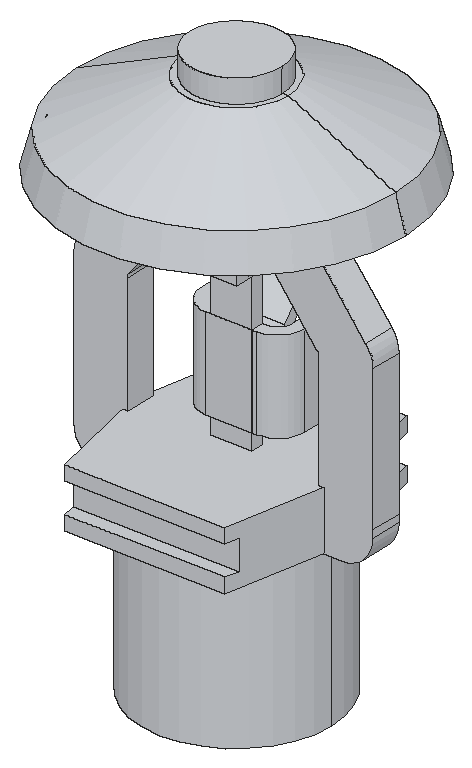
Revit family
Parameters (values of type "RASCO J168")
  Temperature Rating = 165 °F
  Response = (empty or 0)
  RASCO SIN # = "RA1124"
  RASCO Part # = "J1681"
  Pressure Rating = "175 PSI"
  Pressure Class = (empty or 0)
  Orifice Size = 3/4"
  Orifice = (empty or 0)
  Model = "J168"
  Manufacturer = "RASCO"
  K-Factor = 16.8
  Diameter = 3/4"
  Description = "BRONZE FINISH"
  Coverage = (empty or 0)
Reference planes (in)
  plane 1 "Center (Front/Back)": y = 0
  plane 2: z = 0
  plane 3 "Center (Left/Right)": x = 0
Nested families (in)
  nested 1: "RASCO- J1681" at (0, 1.16592, 0), type "RASCO J168"
Connectors (in)
  piping at (0, 1.16592, 0)
    settings: on nested 1, index 1, connector radius 1/2", flow factor 0, pipe flow 0 GPM, pressure drop 0.00 psi, fitting loss kfactor 0, connector angle 0.00°, fixture units 0, flow configuration 0, flow direction 0, fitting loss method 0, system type 7, connector reference index -1, connector utility 0, adjustable connector no, is connector primary yes, fitting loss table "", connector description ""
Definition of nested family "RASCO- J1681"
  Parameters (values of type "RASCO J168")
    Type Comments = ""
    Temperature Rating = 0 °F
    Response = (empty or 0)
    Pressure Rating = "0"
    Pressure Class = (empty or 0)
    Orifice Size = 0"
    Orifice = (empty or 0)
    Model = ""
    Manufacturer = ""
    K-Factor = 0
    Description = ""
    Coverage = (empty or 0)
    Assembly Code = ""
  Reference planes (in)
    plane 1 "Center (Front/Back)": y = 0
    plane 2: z = 0
    plane 3 "REF.1": z = 0.888
    plane 4 "top": z = 2.8125
    plane 5: x = -0.81624
    plane 6: x = 0.81332
    plane 7 "ref.2": z = 2.12402
    plane 8 "head": z = 2.72724
    plane 9 "left/right center": x = 0
    plane 10 "screw": z = 1.98251
    plane 11 "link2": through (0, -0.02489, 1.21079) normal (0, 0.6767, -0.7363)
    plane 12: z = 3.125
    plane 13: z = 1.213
  Forms (in)
    Extrusion 1, solid
      sketch origin (0, 0, 0) x (1, 0, 0) y (0, 1, 0)
        loop
          circle (0, 0) r 0.5221
      from 0 to 0.888
    Extrusion 2, solid
      sketch origin (0, 0, 0.888) x (-1, 0, 0) y (0, -1, 0)
        loop
          line (-0.43619, -0.62052) -> (0.4375, -0.62052) -> (0.56391, 0) -> (0.4375, 0.62052) -> (-0.43619, 0.62052) -> (-0.56259, 0) -> (-0.43619, -0.62052)
      from 0 to 0.325
    Extrusion 3, solid
      sketch origin (0, 0, 0) x (1, 0, 0) y (0, 0, 1)
        loop
          line (-0.5221, 0.888) -> (-0.5221, 1.098) -> (-0.5221, 1.86141)
          arc (-0.5221, 1.86141) -> (-0.5194, 1.87757) -> (-0.51161, 1.89198) r 0.04979
          line (-0.51161, 1.89198) -> (-0.21764, 2.26989) -> (-0.00066, 2.26989) -> (0.20278, 2.26989) -> (0.5115, 1.87435)
          arc (0.5115, 1.87435) -> (0.51938, 1.85983) -> (0.5221, 1.84354) r 0.05007
          line (0.5221, 1.84354) -> (0.5221, 1.098) -> (0.5221, 0.888) -> (0.64763, 0.888)
          arc (0.64763, 0.888) -> (0.76676, 0.93734) -> (0.8161, 1.05647) r 0.16847
          line (0.8161, 1.05647) -> (0.8161, 1.098) -> (0.8161, 1.88537)
          arc (0.8161, 1.88537) -> (0.80631, 1.94391) -> (0.77801, 1.99608) r 0.17993
          line (0.77801, 1.99608) -> (0.32662, 2.5744) -> (-0.32864, 2.5744) -> (-0.77818, 1.99651)
          arc (-0.77818, 1.99651) -> (-0.80636, 1.94441) -> (-0.8161, 1.88599) r 0.18
          line (-0.8161, 1.88599) -> (-0.8161, 1.098) -> (-0.8161, 1.05594)
          arc (-0.8161, 1.05594) -> (-0.76691, 0.93719) -> (-0.64816, 0.888) r 0.16794
          line (-0.64816, 0.888) -> (-0.5221, 0.888)
      from -0.08649 to 0.08732
    Revolve 4, solid
      sketch origin (0, 0, 0) x (1, 0, 0) y (0, 0, 1)
        loop
          line (-0.00066, 2.81189) -> (-0.32516, 2.81189)
          arc (-0.32516, 2.81189) -> (-0.339, 2.80616) -> (-0.34473, 2.79233) r 0.01957
          line (-0.34473, 2.79233) -> (-0.34473, 2.57443)
          arc (-0.34473, 2.57443) -> (-0.34132, 2.5437) -> (-0.33127, 2.51445) r 0.14031
          line (-0.33127, 2.51445) -> (-0.03397, 2.17619) -> (-0.00066, 2.17619) -> (-0.00066, 2.81189)
        axis (-0.00066, 2.81189) -> (-0.00066, 2.17619)
      angle from 0 to 360
    Extrusion 5, solid
      sketch origin (0, 0, 2.8125) x (-1, 0, 0) y (0, -1, 0)
        loop
          circle (0, 0) r 0.25
      from 0 to 0.3125
    Revolve 6, solid
      sketch origin (0, 0, 0) x (1, 0, 0) y (0, 0, 1)
        loop
          line (0, 2.99796) -> (-0.28606, 2.99796) -> (-0.87155, 2.72724) -> (-0.92272, 2.53626) -> (-0.87452, 2.53626) -> (-0.83546, 2.68206) -> (-0.27232, 2.94244) -> (0, 2.94244) -> (0, 2.99796)
        axis (0, 2.99796) -> (0, 2.53626)
      angle from 0 to 360
    Extrusion 7, solid
      sketch origin (0, 0, 0) x (1, 0, 0) y (0, 0, 1)
        loop
          line (0.10934, 1.213) -> (0.10934, 2.12264) -> (-0.11066, 2.12264) -> (-0.11066, 1.213) -> (0.10934, 1.213)
      from -0.03602 to 0.03346
    Extrusion 8, void
      sketch origin (0, 0, 0) x (0, 0, -1) y (0, -1, 0)
        loop
          line (-1.13167, -0.5226) -> (-1.13167, -0.74386) -> (-0.96882, -0.74386) -> (-0.96882, -0.5226) -> (-1.13167, -0.5226)
        loop
          line (-1.13167, 0.71629) -> (-1.13167, 0.54387) -> (-0.96882, 0.54387) -> (-0.96882, 0.71629) -> (-1.13167, 0.71629)
      from -0.56259 to 0.56391
    Extrusion 9, solid
      sketch origin (0, 0, 0) x (1, 0, 0) y (0, 1, 0)
        loop
          line (-0.13782, -0.03346) -> (0.13824, -0.03346)
          arc (0.13824, -0.03346) -> (0.24228, 0.00963) -> (0.28537, 0.11367) r 0.14713
          line (0.28537, 0.11367) -> (0.28537, 0.36654) -> (0.21637, 0.36654) -> (0.21637, 0.12177)
          arc (0.21637, 0.12177) -> (0.19125, 0.06113) -> (0.13062, 0.03602) r 0.08575
          line (0.13062, 0.03602) -> (-0.12969, 0.03602)
          arc (-0.12969, 0.03602) -> (-0.19046, 0.06119) -> (-0.21563, 0.12195) r 0.08594
          line (-0.21563, 0.12195) -> (-0.21563, 0.36654) -> (-0.28463, 0.36654) -> (-0.28463, 0.11335)
          arc (-0.28463, 0.11335) -> (-0.24163, 0.00954) -> (-0.13782, -0.03346) r 0.14681
      from 1.30472 to 1.80738
    Extrusion 10, solid
      sketch origin (0, 0, 0) x (0, 0, -1) y (0, -1, 0)
        loop
          circle (-1.56307, -0.22442) r 0.13793
      from -0.21637 to 0.21563
    Extrusion 11, solid
      sketch origin (0, 0, 0) x (0, 0, -1) y (0, -1, 0)
        loop
          arc (-2.17619, -0.26024) -> (-2.1058, -0.36958) -> (-1.97714, -0.35076) r 0.12011
          line (-1.97714, -0.35076) -> (-1.74478, -0.14809)
          arc (-1.74478, -0.14809) -> (-1.6682, -0.1024) -> (-1.58045, -0.08649) r 0.25
          line (-1.58045, -0.08649) -> (-1.42416, -0.08649) -> (-1.42416, -0.03602) -> (-1.5818, -0.03602)
          arc (-1.5818, -0.03602) -> (-1.69102, -0.05581) -> (-1.78634, -0.11268) r 0.31117
          line (-1.78634, -0.11268) -> (-1.99985, -0.29891)
          arc (-1.99985, -0.29891) -> (-2.07893, -0.31048) -> (-2.12219, -0.24328) r 0.07382
          line (-2.12219, -0.24328) -> (-2.12219, 0.21398) -> (-2.17619, 0.21398) -> (-2.17619, -0.26024)
      from -0.17291 to 0.17375
  Cuts and joins
    Extrusion 8 cuts Extrusion 2
    Extrusion 8 cuts Extrusion 3
  Dimensions and locks (in)
    plane 5 to Extrusion 9 = 0' - 1.10161"
